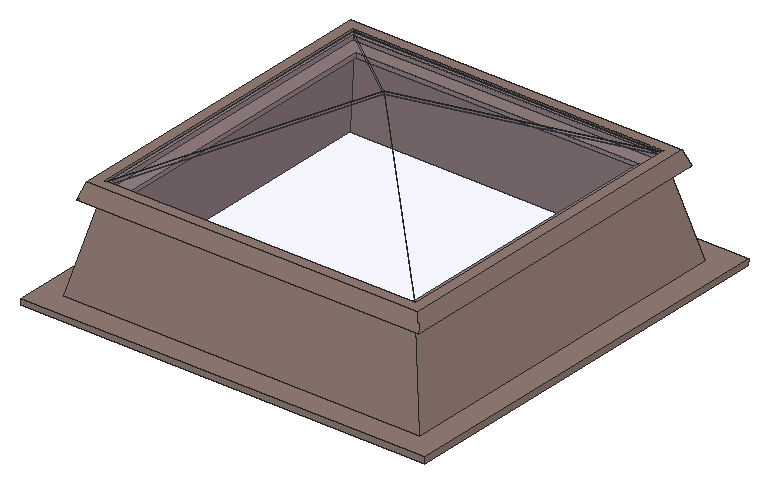
Revit family
Parameters (values of type "Roof Light Dome 2")
  Rough Width = Width  # 900.00 mm
  Rough Height = Height  # 250.00 mm
  Operation = "UserDefined"
  Material Glass = Glass
  Keynote = "L10/460"
  Height = 250.00 mm
  Type Comments = ""
  Width = 900.00 mm
  Material Frame = Metal - Bronze, Light Brush
  Glass Dome Height = 200.00 mm
  Depth = 900.00 mm
  Assembly Code = ""
Reference planes
  plane 1 "Roof": z = 3657.6
  plane 2 "Top": y = -1129.747
  plane 3 "Bottom": y = -229.747
  plane 4 "Face": z = 3807.6
  plane 5 "Center (Front/Back)": y = -679.747
  plane 6: x = 669.173
  plane 7: x = -230.827
  plane 8 "Center Right/Left": x = 219.173
  plane 9: z = 4057.6
  plane 10: y = -679.747
Forms (mm)
  Extrusion 1, void
    sketch origin (0, 0, 3657.6) x (1, 0, 0) y (0, 1, 0)
      loop
        line (669.173, -1129.747) -> (669.173, -229.747) -> (-230.827, -229.747) -> (-230.827, -1129.747) -> (669.173, -1129.747)
    from 0 to 150
  Sweep 2, solid, material "Metal - Bronze, Light Brush" <- "Material Frame"
    path origin (0, 0, 3657.6) x (1, 0, 0) y (0, 1, 0)
      loop
        line (-230.827, -1129.747) -> (669.173, -1129.747) -> (669.173, -229.747) -> (-230.827, -229.747) -> (-230.827, -1129.747)
    profile origin (219.173, -1129.747, 3657.6) x (0, 1, 0) y (0, 0, 1)
      loop
        line (0, 150) -> (56.37, 390) -> (83.314, 390) -> (83.314, 400) -> (28.314, 400) -> (28.314, 395) -> (13.314, 395) -> (13.314, 385) -> (40.118, 385) -> (-12.365, 165) -> (-75, 165) -> (-75, 150) -> (0, 150)
  Sweep 3, solid, material "Metal - Bronze, Light Brush" <- "Material Frame"
    path in 3D
      loop
        line (640.859, -1101.433, 4057.6) -> (640.859, -258.061, 4057.6) -> (-202.513, -258.061, 4057.6) -> (-202.513, -1101.433, 4057.6) -> (640.859, -1101.433, 4057.6)
    profile origin (219.173, -1101.433, 4057.6) x (0, 1, 0) y (0, 0, 1)
      loop
        line (18.487, 2.487) -> (18.487, 14.487) -> (10.487, 14.487) -> (10.487, 22.487) -> (18.487, 22.487) -> (18.487, 27.487) -> (-7.261, 27.487) -> (-21.835, -12.553) -> (-19.956, -13.237) -> (-16.535, -3.84) -> (-1.513, -3.84) -> (-1.513, -2.513) -> (-6.513, -2.513) -> (-6.513, 2.487) -> (18.487, 2.487)
  Blend 4, solid, material "Glass" <- "Material Glass"
    base sketch origin (0, 0, 3657.6) x (1, 0, 0) y (0, 1, 0)
      loop
        line (-184.026, -276.548) -> (-184.026, -1082.946) -> (622.372, -1082.946) -> (622.372, -276.548) -> (-184.026, -276.548)
    top sketch origin (0, 0, 3657.6) x (1, 0, 0) y (0, 1, 0)
      loop
        line (217.173, -677.747) -> (217.173, -681.747) -> (221.173, -681.747) -> (221.173, -677.747) -> (217.173, -677.747)
    from 422.487 to 600
  Blend 5, void
    base sketch origin (0, 0, 3657.6) x (1, 0, 0) y (0, 1, 0)
      loop
        line (-184.026, -276.548) -> (-184.026, -1082.946) -> (622.372, -1082.946) -> (622.372, -276.548) -> (-184.026, -276.548)
    top sketch origin (0, 0, 3657.6) x (1, 0, 0) y (0, 1, 0)
      loop
        line (217.173, -677.747) -> (217.173, -681.747) -> (221.173, -681.747) -> (221.173, -677.747) -> (217.173, -677.747)
    from 414.487 to 592.005
  Extrusion 6, solid, material "Glass" <- "Material Glass"
    sketch origin (0, 0, 3657.6) x (1, 0, 0) y (0, 1, 0)
      loop
        line (-192.026, -268.548) -> (-192.026, -1090.946) -> (630.372, -1090.946) -> (630.372, -268.548) -> (-192.026, -268.548)
    from 414.487 to 422.487
Cuts and joins
  Blend 5 cuts Sweep 2
  Blend 5 cuts Sweep 3
  Blend 5 cuts Blend 4
  Blend 5 cuts Extrusion 6
  joined: Blend 4, Extrusion 6
Lines and regions (mm)
  sketch lines
    curve 1: line (-1599.76, 1436.904, 0) -> (1448.24, 1436.904, 0)
    curve 2: line (-1599.76, 1436.904, 0) -> (-1599.76, -1611.096, 0)
    curve 3: line (-1599.76, -1611.096, 0) -> (1448.24, -1611.096, 0)
    curve 4: line (1448.24, 1436.904, 0) -> (1448.24, -1611.096, 0)
    curve 5: line (-202.513, -1101.433, 4057.6) -> (640.859, -1101.433, 4057.6)
    curve 6: line (640.859, -1101.433, 4057.6) -> (640.859, -258.061, 4057.6)
    curve 7: line (640.859, -258.061, 4057.6) -> (-202.513, -258.061, 4057.6)
    curve 8: line (-202.513, -258.061, 4057.6) -> (-202.513, -1101.433, 4057.6)
Dimensions and locks
  curve 2 to curve 4 = 3048.00 mm
  curve 3 to curve 1 = 3048.00 mm
  equal spacing: plane 2 "Top", plane 5 "Center (Front/Back)", plane 3 "Bottom"
  "Depth": plane 2 "Top" to plane 3 "Bottom"
  "Width": plane 6 to plane 7
  equal spacing: plane 7, plane 8 "Center Right/Left", plane 6
  "Height": plane 9 to plane 4 "Face"
  plane 9 to Sweep 2 sketch curve = 10.00 mm
  plane 9 to Sweep 2 sketch curve to Sweep 2 sketch curve = 5.00 mm, 10.00 mm
  equal spacing: plane 2 "Top", plane 10, plane 3 "Bottom"
  locked: cut or joined group of Blend 4, Blend 5, Extrusion 6 to cut or joined group of Blend 4, Blend 5, Extrusion 6 at 7.995
  "Glass Dome Height": cut or joined group of Blend 4, Blend 5, Extrusion 6 to plane 9
  aligned and locked: level to plane 1 "Roof"
  aligned and locked: plane 4 "Face" to host roof
  aligned and locked: host roof to Extrusion 1
  aligned and locked: Extrusion 1 to plane 1 "Roof"
  aligned and locked: plane 9 to Sweep 2 sketch curve
  aligned and locked: Blend 5 sketch curve to cut or joined group of Sweep 3, Blend 5  (x2)
  aligned and locked: Extrusion 6 to cut or joined group of Sweep 3, Blend 5  (x4)
  aligned and locked: host roof to Sweep 2 sketch curve
  aligned and locked: Blend 5 to cut or joined group of Sweep 3, Blend 5
  aligned and locked: cut or joined group of Sweep 3, Blend 5 to Blend 4
  aligned and locked: cut or joined group of Blend 4, Blend 5, Extrusion 6 to cut or joined group of Sweep 3, Blend 5  (x2)
Automatic sketch dimensions
  Extrusion 1 sketch curve to plane 3 "Bottom" = 0.00 mm
  Extrusion 1 sketch curve to plane 6 = 0.00 mm
  Extrusion 1 sketch curve to plane 7 = 0.00 mm
  Extrusion 1 sketch curve to plane 2 "Top" = 0.00 mm
  Sweep 2 sketch curve to plane 3 "Bottom" = 0.00 mm
  Sweep 2 sketch curve to plane 7 = 0.00 mm
  Sweep 2 sketch curve to plane 6 = 0.00 mm
  Sweep 2 sketch curve to plane 2 "Top" = 0.00 mm
  Sweep 2 sketch curve to profile plane = 0.00 mm
  profile plane to Sweep 2 sketch curve = 12.365 mm
  Sweep 2 sketch curve to Sweep 2 sketch curve = 62.635 mm
  Sweep 2 sketch curve to profile plane = 13.314 mm
  Sweep 2 sketch curve to Sweep 2 sketch curve = 15.00 mm  (x2)
  Sweep 2 sketch curve to Sweep 2 sketch curve = 11.804 mm
  Sweep 2 sketch curve to Sweep 2 sketch curve = 16.253 mm
  Sweep 2 sketch curve to Sweep 2 sketch curve = 26.944 mm
  profile plane to Sweep 3 sketch curve = 21.835 mm
  Sweep 3 sketch curve to Sweep 3 sketch curve = 1.879 mm
  Sweep 3 sketch curve to profile plane = 3.84 mm
  Sweep 3 sketch curve to Sweep 3 sketch curve = 3.42 mm
  profile plane to Sweep 3 sketch curve = 7.261 mm
  profile plane to Sweep 3 sketch curve = 2.487 mm
  profile plane to Sweep 3 sketch curve = 6.513 mm
  profile plane to Sweep 3 sketch curve = 1.513 mm
  Sweep 3 sketch curve to profile plane = 10.487 mm
  Sweep 3 sketch curve to Sweep 3 sketch curve = 8.00 mm  (x3)
  Sweep 3 sketch curve to Sweep 3 sketch curve = 8.713 mm
  Sweep 3 sketch curve to Sweep 3 sketch curve = 1.327 mm
  Sweep 3 sketch curve to Sweep 3 sketch curve = 12.00 mm
  Blend 4 sketch curve to plane 7 = 46.801 mm
  plane 6 to Blend 4 sketch curve = 46.801 mm
  plane 2 "Top" to Blend 4 sketch curve = 46.801 mm
  plane 3 "Bottom" to Blend 4 sketch curve = 46.801 mm
  plane 8 "Center Right/Left" to Blend 4 sketch curve = 2.00 mm
  Blend 4 sketch curve to plane 8 "Center Right/Left" = 2.00 mm
  plane 5 "Center (Front/Back)" to Blend 4 sketch curve = 2.00 mm
  Blend 4 sketch curve to plane 5 "Center (Front/Back)" = 2.00 mm
  Blend 5 sketch curve to plane 7 = 46.801 mm
  plane 3 "Bottom" to Blend 5 sketch curve = 46.801 mm
  plane 8 "Center Right/Left" to Blend 5 sketch curve = 2.00 mm
  Blend 5 sketch curve to plane 8 "Center Right/Left" = 2.00 mm
  plane 5 "Center (Front/Back)" to Blend 5 sketch curve = 2.00 mm
  Blend 5 sketch curve to plane 5 "Center (Front/Back)" = 2.00 mm
  Extrusion 6 sketch curve to plane 7 = 38.801 mm
  plane 6 to Extrusion 6 sketch curve = 38.801 mm
  plane 2 "Top" to Extrusion 6 sketch curve = 38.801 mm
  plane 3 "Bottom" to Extrusion 6 sketch curve = 38.801 mm
